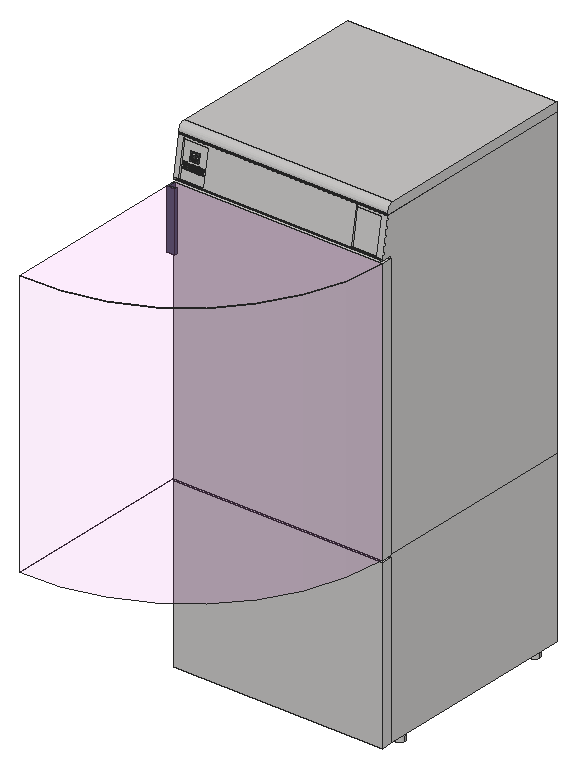
Revit family "TD6-10 Pompa Calore", category Attrezzature speciali, Revit 2018
Family settings
  Quota connettore circolare = Usa diametro
  Tipo di parte = Normale
  Basato su piano di lavoro = No
  Sempre verticale = Sì
  Taglio con vuoti quando caricato = No
  Condiviso = No
  Punto di calcolo locali = No
Parameters
  Show Logo [instance] = yes
  Show Clearance [instance] = yes
  Manufacturer = ""
  Model = ""
  Description = ""
Reference planes
  plane 1 "Center X": y = 53.8
  plane 2: z = 0
  plane 3 "Centro (Sinistra/Destra)": x = -439
  plane 4 "BACK": y = 414.5
  plane 5 "LEFT": x = -799
  plane 6 "RIGHT": x = -79
  plane 7 "TOP": z = 1115
  plane 8: z = 544
  plane 9: z = 1685
  plane 10: z = 20
  plane 11: y = -995.5
  plane 12 "FRONT": y = -335.5
Forms (mm)
  Extrusion 1, solid, material "QF_Finishes_Stainless Steel"
    sketch origin (718.1, -398.1, 1168.796) x (0, 0, -1) y (0, 1, 0)
      loop
        line (568.796, 812.6) -> (-355.781, 812.6) -> (-355.781, 98.55) -> (568.796, 98.55) -> (568.796, 812.6)
    from -1517.1 to -797.1
  Extrusion 2, solid, material "QF_Finishes_Stainless Steel"
    sketch origin (718.1, -398.1, 1104.496) x (0, 0, -1) y (0, 1, 0)
      loop
        line (-550.504, 812.6) -> (-580.504, 812.6) -> (-580.504, 109.693)
        arc (-580.504, 109.693) -> (-573.182, 92.015) -> (-555.504, 84.693) r 25
        line (-555.504, 84.693) -> (-553.385, 84.693)
        arc (-553.385, 84.693) -> (-551.348, 85.536) -> (-550.504, 87.573) r 2.881
        line (-550.504, 87.573) -> (-550.504, 812.6)
    from -1517.1 to -797.1
  Extrusion 3, solid, material "QF_Finishes_Stainless Steel"
    sketch origin (653.544, 390.2, 425.365) x (0, 0, 1) y (1, 0, 0)
      loop
        circle (1079.611, -777.591) r 13.893
    from 24.3 to 50
  Extrusion 4, solid, material "QF_Finishes_Stainless Steel"
    sketch origin (-439, 0, 570) x (0, 1, 0) y (0, 0, 1)
      loop
        line (414.5, 954.576) -> (414.5, 1085) -> (-313.054, 1085) -> (-335.456, 957.951)
        arc (-335.456, 957.951) -> (-334.827, 955.603) -> (-332.625, 954.576) r 2.875
        line (-332.625, 954.576) -> (414.5, 954.576)
    from -360 to 360
  Extrusion 5, solid, material "QF_Finishes_Stainless Steel"
    sketch origin (-439, -22.5, 570) x (0, 1, 0) y (0, 0, 1)
      loop
        line (-277.05, 945.57) -> (-312.997, 945.57) -> (-312.997, 30) -> (-277.05, 30) -> (-277.05, 945.57)
    from -360 to 360
  Extrusion 6, void
    sketch origin (-439, -335.456, 1527.951) x (0, -0.173648, -0.984808) y (-1, 0, 0)
      loop
        line (-122.353, 340.421) -> (-122.353, 255.421) -> (-2.353, 255.421) -> (-2.353, 340.421) -> (-122.353, 340.421)
      loop
        line (-122.353, -340.421) -> (-2.353, -340.421) -> (-2.353, -255.421) -> (-122.353, -255.421) -> (-122.353, -340.421)
    from 0 to 1.6
  Extrusion 7, solid, material "QF_Finishes_Stainless Steel"
    sketch origin (0, 0, 1684.3) x (-1, 0, 0) y (0, -1, 0)
      loop
        line (799, -414.5) -> (799, 299.55) -> (79, 299.55) -> (79, -414.5) -> (799, -414.5)
    from -1664.3 to -1084.3
  Extrusion 8, solid, material "QF_Finishes_Stainless Steel"
    sketch origin (-439, -22.5, -30) x (0, 1, 0) y (0, 0, 1)
      loop
        line (-277.05, 622.938) -> (-312.997, 622.938) -> (-312.997, 50) -> (-277.05, 50) -> (-277.05, 622.938)
    from -360 to 360
  Extrusion 9, solid, material "QF_Finishes_Blue"
    sketch origin (-878, 0, 842.433) x (-1, 0, 0) y (0, -1, 0)
      loop
        line (-79, 335.497) -> (-79, 361.957) -> (-106.5, 361.957) -> (-106.5, 356.957) -> (-84, 356.957) -> (-84, 335.497) -> (-79, 335.497)
    from 469.719 to 673.137
  Extrusion 10, solid, material "QF_Finishes_Stainless Steel"
    sketch origin (0, 0, 0) x (1, 0, 0) y (0, 1, 0)
      loop
        circle (-779, 345.25) r 17.004
      loop
        circle (-99, 345.25) r 17.004
      loop
        circle (-782, -239.107) r 17.004
      loop
        circle (-96, -239.107) r 17.004
    from 0 to 20
  Extrusion 11, solid, material "QF_Door-Drawer Clearances", visible <- "Show Clearance"
    sketch origin (0, -4.479, 0) x (1, 0, 0) y (0, 1, 0)
      loop
        line (-799, -330.978) -> (-799, -991.021)
        arc (-799, -991.021) -> (-295.391, -817.653) -> (-79, -330.978) r 667.422
        line (-79, -330.978) -> (-799, -330.978)
    from 600 to 1515.57
  Extrusion 12, solid, material "QF_Finishes_Stainless Steel"
    sketch origin (-439, -334.965, 592.938) x (0, 0, -1) y (1, 0, 0)
      loop
        circle (482.938, -310) r 6
    from -759.465 to -749.465
  Extrusion 13, solid, material "QF_Finishes_Stainless Steel"
    sketch origin (-394, -334.965, 592.938) x (0, 0, -1) y (1, 0, 0)
      loop
        circle (482.938, -310) r 6
    from -759.465 to -749.465
  Extrusion 14, solid, material "QF_Finishes_Stainless Steel"
    sketch origin (-149, -334.965, 572.938) x (0, 0, -1) y (1, 0, 0)
      loop
        circle (482.938, -310) r 6
    from -759.465 to -749.465
Cuts and joins
  Extrusion 6 cuts Extrusion 1
  Extrusion 6 cuts Extrusion 4
  joined: Extrusion 1, Extrusion 4
Lines and regions (mm)
  Split face 1
    outline origin (-79, -313.054, 1655) x (-1, 0, 0) y (0, -0.173648, -0.984808)
      loop
        line (470, 13.377) -> (470, 124.954) -> (250, 124.954) -> (250, 13.377) -> (470, 13.377)
  symbolic lines
    curve 1: line (-799, -335.497, 1115) -> (-79, -335.497, 1115)
    curve 2: line (-79, 414.5, 0) -> (-79, -335.456, 0)
    curve 3: line (-799, 414.5, 0) -> (-799, -335.497, 0)
    curve 6: line (-794, -356.957, 0) -> (-794, -335.497, 0)
    curve 7: line (-771.5, -356.957, 0) -> (-794, -356.957, 0)
    curve 8: line (-771.5, -361.957, 0) -> (-771.5, -356.957, 0)
    curve 9: line (-799, -361.957, 0) -> (-771.5, -361.957, 0)
    curve 10: line (-799, -335.497, 0) -> (-799, -361.957, 0)
    curve 11: line (-79, 414.5, 0) -> (-799, 414.5, 0)
  symbolic lines, style "QF_Door-Drawer Clearances"
    curve 4: line (-799, -335.497, 0) -> (-799, -995.5, 0)
    curve 5: arc (-799, -995.5, 0) -> (-295.391, -822.132, 0) -> (-79, -335.456, 0) r 667.422
Dimensions and locks
  equal spacing: plane 5 "LEFT", plane 3 "Centro (Sinistra/Destra)", plane 6 "RIGHT"
  plane 5 "LEFT" to plane 6 "RIGHT" = 720 mm  (x2)
  plane 4 "BACK" to plane 1 "Center X" = 360.7 mm
  plane 7 "TOP" to level = 1115 mm
  plane 9 to plane 2 = 1685 mm
  plane 10 to level = 20 mm
  plane 4 "BACK" to plane 11 = 1410 mm
  plane 4 "BACK" to plane 12 "FRONT" = 750 mm  (x2)
  aligned and locked: level to plane 2
  aligned and locked: Extrusion 1 to plane 5 "LEFT"
  aligned and locked: plane 6 "RIGHT" to Extrusion 1
  aligned and locked: Extrusion 2 to plane 5 "LEFT"
  aligned and locked: plane 6 "RIGHT" to Extrusion 2
  aligned and locked: plane 6 "RIGHT" to Extrusion 4
  aligned and locked: Extrusion 4 to plane 5 "LEFT"
  aligned and locked: Extrusion 5 to plane 5 "LEFT"
  aligned and locked: plane 6 "RIGHT" to Extrusion 5
Automatic sketch dimensions
  curve 1 to plane 6 "RIGHT" = 0 mm
  curve 1 to plane 5 "LEFT" = 0 mm
  plane 12 "FRONT" to curve 1 = 0.003 mm
  Extrusion 1 sketch curve to plane 4 "BACK" = 0 mm
  Extrusion 1 sketch curve to plane 9 = 160.424 mm
  plane 8 to Extrusion 1 sketch curve = 56 mm
  plane 12 "FRONT" to Extrusion 1 sketch curve = 35.95 mm
  Extrusion 2 sketch curve to plane 9 = 0 mm
  Extrusion 2 sketch curve to plane 9 = 25 mm
  Extrusion 2 sketch curve to Extrusion 2 sketch curve = 2.119 mm
  Extrusion 2 sketch curve to Extrusion 2 sketch curve = 2.881 mm
  plane 12 "FRONT" to Extrusion 2 sketch curve = 22.093 mm
  Extrusion 2 sketch curve to plane 4 "BACK" = 0 mm
  Extrusion 3 sketch curve to plane 6 "RIGHT" = 45.047 mm
  Extrusion 3 sketch curve to plane 9 = 180.024 mm
  plane 12 "FRONT" to Extrusion 4 sketch curve = 0.044 mm
  Extrusion 4 sketch curve to Extrusion 4 sketch curve = 2.831 mm
  plane 12 "FRONT" to Extrusion 4 sketch curve = 22.446 mm
  Extrusion 4 sketch curve to plane 4 "BACK" = 0 mm
  Extrusion 4 sketch curve to plane 9 = 160.424 mm
  Extrusion 4 sketch curve to Extrusion 4 sketch curve = 2.875 mm
  Extrusion 4 sketch curve to plane 9 = 30 mm
  plane 12 "FRONT" to Extrusion 5 sketch curve = 0.003 mm
  Extrusion 5 sketch curve to Extrusion 5 sketch curve = 35.947 mm
  plane 8 to Extrusion 5 sketch curve = 56 mm
  Extrusion 5 sketch curve to plane 9 = 169.43 mm
  Extrusion 6 sketch curve to Extrusion 4 = 6.656 mm  (x2)
  Extrusion 4 to Extrusion 6 sketch curve = 2.353 mm  (x2)
  Extrusion 6 sketch curve to Extrusion 4 = 19.579 mm  (x2)
  Extrusion 6 sketch curve to Extrusion 6 sketch curve = 85 mm
  Extrusion 6 sketch curve to Extrusion 4 = 104.579 mm
  Split face 1 sketch curve to cut or joined group of Extrusion 1, Extrusion 4, Extrusion 6 = 6.721 mm
  cut or joined group of Extrusion 1, Extrusion 4, Extrusion 6 to Split face 1 sketch curve = 145.421 mm  (x2)
  Split face 1 sketch curve to cut or joined group of Extrusion 1, Extrusion 4, Extrusion 6 = 1.702 mm
  Extrusion 7 sketch curve to plane 6 "RIGHT" = 0 mm
  Extrusion 7 sketch curve to plane 5 "LEFT" = 0 mm
  Extrusion 7 sketch curve to plane 4 "BACK" = 0 mm
  plane 12 "FRONT" to Extrusion 7 sketch curve = 35.95 mm
  Extrusion 8 sketch curve to plane 10 = 0 mm
  plane 12 "FRONT" to Extrusion 8 sketch curve = 0.003 mm
  Extrusion 8 sketch curve to Extrusion 8 sketch curve = 35.947 mm
  plane 8 to Extrusion 8 sketch curve = 48.938 mm
  Extrusion 9 sketch curve to plane 5 "LEFT" = 0 mm
  plane 12 "FRONT" to Extrusion 9 sketch curve = 0.003 mm
  Extrusion 9 sketch curve to Extrusion 9 sketch curve = 5 mm  (x2)
  Extrusion 9 sketch curve to Extrusion 9 sketch curve = 22.5 mm
  Extrusion 9 sketch curve to plane 12 "FRONT" = 21.457 mm
  plane 5 "LEFT" to Extrusion 10 sketch curve = 17 mm
  plane 5 "LEFT" to Extrusion 10 sketch curve = 20 mm
  Extrusion 10 sketch curve to plane 6 "RIGHT" = 20 mm
  Extrusion 10 sketch curve to plane 6 "RIGHT" = 17 mm
  plane 12 "FRONT" to Extrusion 10 sketch curve = 96.393 mm  (x2)
  Extrusion 10 sketch curve to plane 4 "BACK" = 69.25 mm  (x2)
  Extrusion 11 sketch curve to plane 5 "LEFT" = 0 mm
  Extrusion 11 sketch curve to plane 6 "RIGHT" = 0 mm
  Extrusion 11 sketch curve to plane 11 = 0 mm
  plane 12 "FRONT" to Extrusion 11 sketch curve = 5.346 mm
  Extrusion 11 sketch curve to Extrusion 11 sketch curve = 52.599 mm
  Extrusion 12 sketch curve to Extrusion 12 sketch curve = 0 mm  (x2)
  plane 10 to Extrusion 12 sketch curve = 90 mm
  plane 5 "LEFT" to Extrusion 12 sketch curve = 50 mm
  Extrusion 12 sketch curve to Extrusion 12 sketch curve = 6 mm
  Extrusion 13 sketch curve to Extrusion 13 sketch curve = 0 mm  (x2)
  plane 10 to Extrusion 13 sketch curve = 90 mm
  plane 5 "LEFT" to Extrusion 13 sketch curve = 95 mm
  Extrusion 13 sketch curve to Extrusion 13 sketch curve = 6 mm
  Extrusion 14 sketch curve to Extrusion 14 sketch curve = 0 mm  (x2)
  Extrusion 14 sketch curve to plane 3 "Centro (Sinistra/Destra)" = 20 mm
  plane 10 to Extrusion 14 sketch curve = 70 mm
  Extrusion 14 sketch curve to Extrusion 14 sketch curve = 6 mm
  curve 11 to plane 4 "BACK" = 0 mm
  curve 11 to plane 5 "LEFT" = 0 mm
  curve 11 to plane 6 "RIGHT" = 0 mm
  curve 5 to plane 11 = 0 mm
  plane 5 "LEFT" to curve 6 = 5 mm
  curve 6 to curve 7 = 22.5 mm
  plane 12 "FRONT" to curve 5 = 5.346 mm
  curve 7 to curve 5 = 25.099 mm
  curve 8 to plane 12 "FRONT" = 26.457 mm
  curve 9 to curve 7 = 5 mm
  plane 12 "FRONT" to curve 3 = 0.003 mm
  plane 12 "FRONT" to curve 6 = 0.003 mm
  radius of Extrusion 3 sketch curve = 13.893 mm
  radius of Extrusion 10 sketch curve = 17.004 mm  (x4)
Nested families
  nested 1: "ELX_Logo_Professional" at (-736.921, -323.053, 1589.079) x (1, 0, 0) z (0, -0.9848, 0.1736), visible <- "Show Logo", type "ELX_Logo_Professional"
Connectors
  electrical at (-124.047, 440.2, 1504.976)
    settings: on Extrusion 3, index 4, voltage 0 V, apparent load 0 VA, apparent load phase1 0 VA, apparent load phase2 0 VA, apparent load phase3 0 VA, power factor 1, load classification "Other", number of poles 1, system type 30, power factor state 1, is connector primary yes, connector utility no, sub classification motor no, connector description "Electrical Connection"
  piping at (-749, 424.5, 110), diameter 12
    settings: on Extrusion 12, index 5, connector inside diameter 609.6 mm, connector length 0 mm, flow factor 0, pipe flow 0.0 L/s, pressure drop 0.0 Pa, fitting loss kfactor 0, connector angle 0.00°, fixture units 0, engagement length 0 mm, angle of deflection 0.00°, flow configuration 0, flow direction 0, fitting loss method 0, system type 20, joint type 0, gender type 0, connector reference index -1, connector utility 0, adjustable connector no, is connector primary yes, connector description "Cold water inlet"
  piping at (-704, 424.5, 110), diameter 12
    settings: on Extrusion 13, index 6, connector inside diameter 609.6 mm, connector length 0 mm, flow factor 0, pipe flow 0.0 L/s, pressure drop 0.0 Pa, fitting loss kfactor 0, connector angle 0.00°, fixture units 0, engagement length 0 mm, angle of deflection 0.00°, flow configuration 0, flow direction 0, fitting loss method 0, system type 16, joint type 0, gender type 0, connector reference index -1, connector utility 0, adjustable connector no, is connector primary no, connector description "Drain"
  piping at (-459, 424.5, 90), diameter 12
    settings: on Extrusion 14, index 7, connector inside diameter 609.6 mm, connector length 0 mm, flow factor 0, pipe flow 0.0 L/s, pressure drop 0.0 Pa, fitting loss kfactor 0, connector angle 0.00°, fixture units 0, engagement length 0 mm, angle of deflection 0.00°, flow configuration 0, flow direction 0, fitting loss method 0, system type 16, joint type 0, gender type 0, connector reference index -1, connector utility 0, adjustable connector no, is connector primary no, connector description "Drain"
Definition of nested family "ELX_Logo_Professional"
  Parameters (values of type "ELX_Logo_Professional")
    materiale = none
    Default Elevation = 0 mm
  Reference planes
    plane 1 "Centro (Fronte/Retro)": y = 0
    plane 2: z = 0
    plane 3 "Centro (Sinistra/Destra)": x = 0
  Forms (mm)
    Extrusion 1, solid
      sketch origin (0, 0, 0) x (1, 0, 0) y (0, 1, 0)
        loop
          line (-1219.2, 1219.2) -> (-1219.2, -1219.2) -> (1219.2, -1219.2) -> (1219.2, 1219.2) -> (-1219.2, 1219.2)
      from 0 to -304.8
    Extrusion 2, solid, material <- "materiale"
      sketch origin (-144.622, -1081.55, 0) x (-1, 0, 0) y (0, -1, 0)
        loop
          line (-130.265, -1113.361) -> (-130.265, -1084.645) -> (-158.979, -1084.645) -> (-158.979, -1113.361) -> (-130.265, -1113.361)
        loop
          arc (-146.24, -1106.937) -> (-147.076, -1109.166) -> (-147.324, -1111.534) r 9.395
          arc (-147.324, -1111.534) -> (-145.139, -1111.806) -> (-142.939, -1111.706) r 13.008
          line (-142.939, -1111.706) -> (-141.329, -1111.382) -> (-139.8, -1110.859) -> (-138.364, -1110.152) -> (-137.035, -1109.277) -> (-135.826, -1108.249) -> (-134.751, -1107.081) -> (-133.821, -1105.789) -> (-133.05, -1104.389) -> (-132.452, -1102.893) -> (-132.039, -1101.318) -> (-131.824, -1099.675) -> (-134.539, -1099.675) -> (-136.155, -1099.784) -> (-137.741, -1100.101) -> (-139.277, -1100.613) -> (-140.74, -1101.304) -> (-142.111, -1102.159) -> (-143.367, -1103.165) -> (-144.488, -1104.306) -> (-145.453, -1105.568) -> (-146.24, -1106.937)
        loop
          line (-148.67, -1086.844) -> (-150.173, -1087.464) -> (-151.57, -1088.253) -> (-152.847, -1089.196) -> (-153.992, -1090.281) -> (-154.994, -1091.494) -> (-155.841, -1092.821) -> (-156.519, -1094.25) -> (-157.018, -1095.766) -> (-157.324, -1097.357) -> (-157.427, -1099.009) -> (-157.315, -1100.685) -> (-156.998, -1102.296) -> (-156.488, -1103.827) -> (-155.799, -1105.265) -> (-154.946, -1106.596) -> (-153.94, -1107.806) -> (-152.796, -1108.882) -> (-151.528, -1109.81) -> (-150.148, -1110.576) -> (-148.67, -1111.167) -> (-148.67, -1086.844)
        loop
          arc (-147.323, -1086.473) -> (-147.041, -1088.83) -> (-146.239, -1091.065) r 10.532
          line (-146.239, -1091.065) -> (-145.452, -1092.432) -> (-144.488, -1093.693) -> (-143.367, -1094.833) -> (-142.111, -1095.838) -> (-140.741, -1096.693) -> (-139.278, -1097.383) -> (-137.743, -1097.894) -> (-136.157, -1098.211) -> (-134.541, -1098.32) -> (-131.822, -1098.32) -> (-131.976, -1096.81) -> (-132.312, -1095.353) -> (-132.818, -1093.961) -> (-133.481, -1092.644) -> (-134.291, -1091.416) -> (-135.235, -1090.288) -> (-136.302, -1089.272) -> (-137.48, -1088.379) -> (-138.757, -1087.622) -> (-140.121, -1087.012) -> (-141.56, -1086.561) -> (-143.063, -1086.281) -> (-144.633, -1086.183)
          arc (-144.633, -1086.183) -> (-145.985, -1086.264) -> (-147.323, -1086.473) r 14.39
        loop
          line (-111.329, -1069.559) -> (-111.329, -1071.073) -> (-116.048, -1071.073) -> (-116.048, -1072.896) -> (-111.328, -1072.896) -> (-111.328, -1075.549) -> (-116.349, -1075.549) -> (-116.349, -1077.368) -> (-109.396, -1077.368) -> (-109.396, -1073.46) -> (-109.396, -1069.659)
          arc (-109.396, -1069.659) -> (-110.425, -1067.175) -> (-112.909, -1066.146) r 3.513
          line (-112.909, -1066.146) -> (-116.483, -1066.146) -> (-116.483, -1067.963) -> (-112.925, -1067.963)
          arc (-112.925, -1067.963) -> (-111.797, -1068.431) -> (-111.329, -1069.559) r 1.596
        loop
          line (-119.79, -1077.358) -> (-117.856, -1077.358) -> (-117.856, -1072.053) -> (-117.856, -1066.132) -> (-119.79, -1066.132) -> (-119.79, -1072.092) -> (-119.79, -1077.358)
        loop
          line (-122.986, -1069.718) -> (-129.327, -1069.718)
          arc (-129.327, -1069.718) -> (-129.219, -1071.449) -> (-128.497, -1073.026) r 4.757
          arc (-128.497, -1073.026) -> (-125.237, -1074.5) -> (-121.978, -1073.026) r 4.34
          arc (-121.978, -1073.026) -> (-121.072, -1070.207) -> (-121.978, -1067.388) r 4.838
          arc (-121.978, -1067.388) -> (-125.393, -1065.933) -> (-128.809, -1067.388) r 4.737
          line (-128.809, -1067.388) -> (-127.645, -1068.52)
          arc (-127.645, -1068.52) -> (-125.509, -1067.576) -> (-123.374, -1068.52) r 2.888
          arc (-123.374, -1068.52) -> (-123.05, -1069.077) -> (-122.986, -1069.718) r 1.527
        loop
          arc (-127.386, -1071.076) -> (-126.67, -1072.331) -> (-125.331, -1072.872) r 2.201
          arc (-125.331, -1072.872) -> (-123.848, -1072.402) -> (-123.033, -1071.076) r 2.23
          line (-123.033, -1071.076) -> (-127.386, -1071.076)
        loop
          line (-136.862, -1071.886) -> (-138.059, -1073.132)
          arc (-138.059, -1073.132) -> (-130.327, -1070.219) -> (-138.059, -1067.306) r 4.415
          line (-138.059, -1067.306) -> (-136.862, -1068.553)
          arc (-136.862, -1068.553) -> (-132.252, -1070.22) -> (-136.862, -1071.886) r 2.606
        loop
          line (-141.192, -1069.673) -> (-141.192, -1072.494) -> (-142.951, -1072.494) -> (-142.951, -1074.25) -> (-141.195, -1074.25) -> (-141.195, -1077.358) -> (-139.262, -1077.358) -> (-139.262, -1073.332) -> (-139.262, -1069.514)
          arc (-139.262, -1069.514) -> (-140.299, -1066.92) -> (-142.98, -1066.132) r 3.196
          line (-142.98, -1066.132) -> (-142.987, -1067.949)
          arc (-142.987, -1067.949) -> (-141.652, -1068.356) -> (-141.192, -1069.673) r 1.542
        loop
          line (-146.494, -1073.042) -> (-146.494, -1074.25) -> (-144.576, -1074.25) -> (-144.576, -1070.271) -> (-144.576, -1066.132) -> (-146.494, -1066.132) -> (-146.494, -1070.401)
          arc (-146.494, -1070.401) -> (-147.446, -1072.228) -> (-149.489, -1072.494) r 2.229
          line (-149.489, -1072.494) -> (-149.489, -1074.362)
          arc (-149.489, -1074.362) -> (-147.761, -1074.226) -> (-146.494, -1073.042) r 2.627
        loop
          line (-159.833, -1072.246) -> (-159.833, -1066.131) -> (-161.767, -1066.131) -> (-161.767, -1072.17) -> (-161.767, -1077.359) -> (-159.833, -1077.359) -> (-159.833, -1072.246)
        loop
          line (-165.194, -1069.514) -> (-165.194, -1074.25) -> (-163.245, -1074.25) -> (-163.245, -1071.898) -> (-163.245, -1069.098)
          arc (-163.245, -1069.098) -> (-166.96, -1065.769) -> (-170.687, -1069.085) r 3.745
          line (-170.687, -1069.085) -> (-170.687, -1071.898) -> (-170.687, -1074.25) -> (-168.739, -1074.25) -> (-168.739, -1069.514)
          arc (-168.739, -1069.514) -> (-166.967, -1067.742) -> (-165.194, -1069.514) r 1.772
        loop
          line (-174.654, -1070.416) -> (-172.975, -1068.078) -> (-171.578, -1066.131) -> (-173.656, -1066.131) -> (-175.717, -1068.999) -> (-177.779, -1066.131) -> (-179.857, -1066.131) -> (-178, -1068.728) -> (-176.781, -1070.433) -> (-178.29, -1072.488) -> (-179.583, -1074.25) -> (-177.473, -1074.25) -> (-175.717, -1071.818) -> (-173.945, -1074.25) -> (-171.852, -1074.25) -> (-173.052, -1072.608) -> (-174.654, -1070.416)
        loop
          circle (-154.223, -1070.188) r 2.508
        loop
          circle (-154.223, -1070.188) r 4.42
        loop
          line (-110.224, -1058.542) -> (-111.194, -1058.542)
          arc (-111.194, -1058.542) -> (-112.217, -1059.95) -> (-110.924, -1061.114) r 1.3
          line (-110.924, -1061.114) -> (-109.424, -1061.114) -> (-109.424, -1057.223) -> (-110.224, -1057.223) -> (-110.224, -1058.542)
        loop
          line (-110.224, -1060.379) -> (-110.224, -1059.293) -> (-111.03, -1059.293)
          arc (-111.03, -1059.293) -> (-111.43, -1059.836) -> (-111.03, -1060.379) r 0.569
          line (-111.03, -1060.379) -> (-110.224, -1060.379)
        loop
          line (-116.302, -1058.564) -> (-117.128, -1058.564) -> (-117.934, -1057.223) -> (-118.841, -1057.223) -> (-117.833, -1058.884)
          arc (-117.833, -1058.884) -> (-118.214, -1060.282) -> (-117.028, -1061.114) r 1.26
          line (-117.028, -1061.114) -> (-115.503, -1061.114) -> (-115.503, -1057.223) -> (-116.302, -1057.223) -> (-116.302, -1058.564)
        loop
          line (-116.302, -1060.379) -> (-116.302, -1059.293) -> (-117.109, -1059.293)
          arc (-117.109, -1059.293) -> (-117.508, -1059.836) -> (-117.109, -1060.379) r 0.569
          line (-117.109, -1060.379) -> (-116.302, -1060.379)
        loop
          line (-128.923, -1057.223) -> (-129.723, -1057.223) -> (-129.723, -1058.714) -> (-131.187, -1058.714) -> (-131.187, -1059.514) -> (-129.723, -1059.514) -> (-129.723, -1060.314) -> (-131.327, -1060.314) -> (-131.327, -1061.114) -> (-128.923, -1061.114) -> (-128.923, -1057.223)
        loop
          arc (-134.628, -1058.469) -> (-134.992, -1057.588) -> (-135.874, -1057.223) r 1.246
          line (-135.874, -1057.223) -> (-137.13, -1057.223) -> (-137.13, -1058.023) -> (-135.969, -1058.023)
          arc (-135.969, -1058.023) -> (-135.53, -1058.237) -> (-135.427, -1058.714) r 0.558
          line (-135.427, -1058.714) -> (-136.984, -1058.714) -> (-136.984, -1059.514) -> (-135.427, -1059.514) -> (-135.427, -1060.314) -> (-137.092, -1060.314) -> (-137.092, -1061.114) -> (-134.628, -1061.114) -> (-134.628, -1058.469)
        loop
          line (-152.3, -1057.223) -> (-153.1, -1057.223) -> (-153.1, -1061.114) -> (-152.3, -1061.114) -> (-152.3, -1057.223)
        loop
          line (-164.67, -1057.223) -> (-164.67, -1059.67) -> (-166.45, -1057.223) -> (-167.25, -1057.223) -> (-167.25, -1061.114) -> (-166.42, -1061.114) -> (-166.42, -1058.594) -> (-164.64, -1061.114) -> (-163.84, -1061.114) -> (-163.84, -1057.223) -> (-164.67, -1057.223)
        loop
          line (-170.403, -1057.223) -> (-171.262, -1057.223) -> (-171.641, -1058.063) -> (-173.08, -1058.063) -> (-173.459, -1057.223) -> (-174.317, -1057.223) -> (-172.796, -1061.113) -> (-171.996, -1061.113) -> (-170.403, -1057.223)
        loop
          line (-177.493, -1057.223) -> (-179.789, -1057.223) -> (-179.789, -1058.023) -> (-178.293, -1058.023) -> (-178.293, -1061.114) -> (-177.493, -1061.114) -> (-177.493, -1057.223)
        loop
          line (-172.362, -1059.848) -> (-171.945, -1058.83) -> (-172.76, -1058.83) -> (-172.362, -1059.848)
        loop
          circle (-158.484, -1059.145) r 1.288
        loop
          circle (-158.484, -1059.145) r 2.065
        loop
          arc (-146.04, -1058.095) -> (-146.933, -1057.275) -> (-148.145, -1057.245) r 1.725
          arc (-148.145, -1057.245) -> (-148.965, -1058.02) -> (-148.68, -1059.111) r 1.107
          arc (-148.68, -1059.111) -> (-148.103, -1059.465) -> (-147.486, -1059.746) r 5.523
          arc (-147.486, -1059.746) -> (-147.147, -1060.262) -> (-147.708, -1060.52) r 0.407
          arc (-147.708, -1060.52) -> (-148.045, -1060.315) -> (-148.325, -1060.038) r 1.702
          line (-148.325, -1060.038) -> (-149.011, -1060.45)
          arc (-149.011, -1060.45) -> (-148.578, -1060.911) -> (-148.043, -1061.247) r 2.463
          arc (-148.043, -1061.247) -> (-146.373, -1060.466) -> (-147.42, -1058.949) r 1.207
          spline (-147.42, -1058.949) -> (-147.716, -1058.809) -> (-147.932, -1058.678) -> (-148.077, -1058.557) -> (-148.163, -1058.446) -> (-148.198, -1058.347) -> (-148.192, -1058.258) -> (-148.157, -1058.182) -> (-148.102, -1058.118) -> (-148.037, -1058.068) -> (-147.972, -1058.031) -> (-147.917, -1058.008) -> (-147.883, -1058)
          arc (-147.883, -1058) -> (-147.238, -1058.014) -> (-146.759, -1058.446) r 0.925
          line (-146.759, -1058.446) -> (-146.04, -1058.095)
        loop
          arc (-140.18, -1058.095) -> (-141.073, -1057.275) -> (-142.285, -1057.245) r 1.725
          arc (-142.285, -1057.245) -> (-143.106, -1058.02) -> (-142.821, -1059.111) r 1.107
          arc (-142.821, -1059.111) -> (-142.243, -1059.465) -> (-141.627, -1059.746) r 5.523
          arc (-141.627, -1059.746) -> (-141.287, -1060.262) -> (-141.849, -1060.52) r 0.407
          arc (-141.849, -1060.52) -> (-142.185, -1060.315) -> (-142.466, -1060.038) r 1.702
          line (-142.466, -1060.038) -> (-143.151, -1060.45)
          arc (-143.151, -1060.45) -> (-142.719, -1060.911) -> (-142.183, -1061.247) r 2.463
          arc (-142.183, -1061.247) -> (-140.513, -1060.466) -> (-141.56, -1058.949) r 1.207
          spline (-141.56, -1058.949) -> (-141.856, -1058.809) -> (-142.072, -1058.678) -> (-142.218, -1058.557) -> (-142.303, -1058.446) -> (-142.338, -1058.347) -> (-142.333, -1058.258) -> (-142.298, -1058.182) -> (-142.242, -1058.118) -> (-142.177, -1058.068) -> (-142.112, -1058.031) -> (-142.057, -1058.008) -> (-142.023, -1058)
          arc (-142.023, -1058) -> (-141.378, -1058.014) -> (-140.9, -1058.446) r 0.925
          line (-140.9, -1058.446) -> (-140.18, -1058.095)
        loop
          circle (-123.484, -1059.145) r 1.288
        loop
          circle (-123.484, -1059.145) r 2.065
      from 0 to 1.6
  Dimensions and locks
    aligned and locked: plane 2 to Extrusion 1
    aligned and locked: level to Extrusion 1
